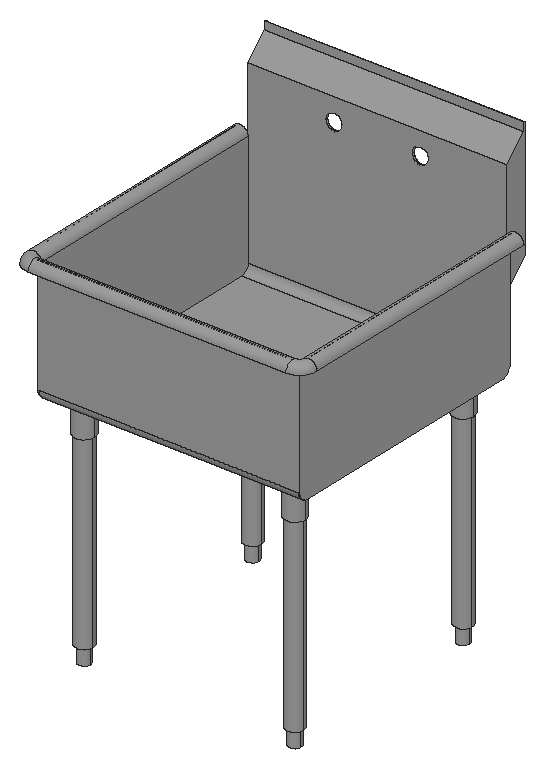
Revit family
Parameters (values of type "ByType")
  Width = 2' - 3 1/2"
  URL = "www.sspinc.net"
  Specification URL = "http://www.sspinc.net/sspweb/index.php?option=com_virtuemart&page=shop.browse&category_id=32&Itemid=73&TreeId=5"
  Sink Material = Metal - Steel - Stainless - Chrome
  Model Number = ""
  Model = "Budget"
  Manufacturer = "Elaky SSP, LLC"
  Length = 2' - 3"
  Hidden Width = if(Compartment Width > 0' 11", Width, (Compartment Width + Sink Rim Front Width + Backsplash Width))  # 2' - 3 1/2"
  Hidden Compartment Width = Width - Sink Rim Front Width - Backsplash Width  # 2' - 0"
  Hidden Compartment Length = Length - (Sink Rim Sides Width * 2)  # 2' - 0"
  Description = "Utility, Single Compartment"
  Compartment Length = if(Hidden Compartment Length > 0' 8 1/2", Hidden Compartment Length, 0' 8 1/2")  # 2' - 0"
  Hidden Length = if((Compartment Length > 0' 8 1/2"), Length, ((Compartment Length + Sink Rim Sides Width * 2)))  # 2' - 3"
  Sink Rim Sides Width = 0' - 1 1/2"  # constant formula
  Sink Rim Front Width = 0' - 1 1/2"  # constant formula
  Backsplash Width = 0' - 2"  # constant formula
  Sink Drain Location = Compartment Width / 2  # 1' - 0"
  Compartment Depth = 1' - 0"
  Compartment Width = if(Hidden Compartment Width > 0' 11", Hidden Compartment Width, 0' 11")  # 2' - 0"
  Rim Height = 2' - 10"
  Hole 1 to 2 = 0' - 8"
  Hole 1 From CL = 0' - 4"
  Faucet CL from Top Backsplash = 0' - 4 3/4"
  Backsplash Height = 0' - 8"
  Assembly Code = ""
Reference planes (in)
  plane 1 "CL Sink Hole": y = -0.25
  plane 2 "Bottom": z = 0
  plane 3 "Center (Left/Right)": x = -6
  plane 4 "Basin Edge Left": x = -18
  plane 5 "Basin Edge Right": x = 6
  plane 6 "Basin Edge Back": y = 11.75
  plane 7 "Basin Edge Front": y = -12.25
  plane 8 "Left": x = -19.5
  plane 9 "Right": x = 7.5
  plane 10 "Back": y = 13.75
  plane 11 "Front": y = -13.75
  plane 12 "Sink Bowl Bottom (Top Face)": z = 22
  plane 13 "Sink Bowl Bottom (Bottom Face)": z = 21.875
  plane 14 "Sink Bottom Piece Back Edge": y = 11
  plane 15 "Sink Bottom Piece Front Edge": y = -11.5
  plane 16 "Center (Front/Back)": y = 0
  plane 17 "Sink Rim Top": z = 34
  plane 18 "Sink Bowl Bottom Radius Top Tangent": z = 22.75
  plane 19 "Sink Rim Inside Lower Edge": z = 33.25
  plane 20 "Backsplash Top Angle": z = 41.25
  plane 21 "Backsplash Angle": z = 39.3125
  plane 22 "Backsplash Side Piece Front": y = 11.875
  plane 23 "Backsplash Side Piece Top": z = 41.07322
  plane 24 "Backsplash Side Piece Angle": z = 39.26072
  plane 25 "Backsplash Side Piece Bottom": z = 29
  plane 26 "Backsplash Side Right Piece Inside Edge": x = 5.875
  plane 27 "Backsplash Side Left Piece Inside Edge": x = -17.875
  plane 28 "Basin Edge Right Outside Face": x = 6.125
  plane 29 "Basin Edge Left Outside Face": x = -18.125
  plane 30 "Faucet Hole CL Elev": z = 37.25
  plane 31 "CL Faucet Hole Left": x = -10
  plane 32 "CL Faucet Hole Right": x = -2
  plane 33 "Leg Left CL": x = -15.75
  plane 34 "Leg Front CL": y = -10
  plane 35 "Leg Large Dia Bottom": z = 19
  plane 36 "Leg Foot Top": z = 1.5
  plane 37 "Leg Right CL": x = 3.75
  plane 38 "Leg Back CL": y = 9.5
  plane 39 "Basin Edge Front Outside Edge": y = -12.375
  plane 40 "Basin Edge Back Outside Edge": y = 11.875
  plane 41 "Backsplash Tile Edge Front Face": y = 13.6875
  plane 42 "Backsplash Top Angle 2": z = 41.13572
  plane 43 "Top of Backsplash": z = 42
  plane 44 "Backsplash Side Piece Angle Bottom": z = 30.875
Forms (in)
  Sweep 1, solid, material "Metal - Steel - Stainless - Chrome" <- "Sink Material"
    path origin (0, 0, 34) x (0, -1, 0) y (1, 0, 0)
      loop
        line (-11.75, 7.5) -> (12.1875, 7.5)
        arc (12.1875, 7.5) -> (13.29235, 7.04235) -> (13.75, 5.9375) r 1.5625
        line (13.75, 5.9375) -> (13.75, -17.9375)
        arc (13.75, -17.9375) -> (13.29235, -19.04235) -> (12.1875, -19.5) r 1.5625
        line (12.1875, -19.5) -> (-11.75, -19.5)
    profile "profile-budget-rim : profile-budget-rim" origin (-19.5, -0.21875, 34) x (-1, 0, 0) y (0, 0, 1)
      loop
        line (-1.5, -0.75) -> (-1.375, -0.75)
        arc (-1.375, -0.75) -> (-0.75, -0.125) -> (-0.125, -0.75) r 0.625
        line (-0.125, -0.75) -> (0, -0.75)
        arc (0, -0.75) -> (-0.75, 0) -> (-1.5, -0.75) r 0.75
  Extrusion 2, solid, material "Metal - Steel - Stainless - Chrome" <- "Sink Material"
    sketch origin (-6, 0, 0) x (0, 1, 0) y (0, 0, 1)
      loop
        line (-12.375, 33.25) -> (-12.375, 22.75)
        arc (-12.375, 22.75) -> (-12.11872, 22.13128) -> (-11.5, 21.875) r 0.875
        line (-11.5, 21.875) -> (11, 21.875)
        arc (11, 21.875) -> (11.61872, 22.13128) -> (11.875, 22.75) r 0.875
        line (11.875, 22.75) -> (11.875, 33.25) -> (11.75, 33.25) -> (11.75, 22.75)
        arc (11.75, 22.75) -> (11.53033, 22.21967) -> (11, 22) r 0.75
        line (11, 22) -> (-11.5, 22)
        arc (-11.5, 22) -> (-12.03033, 22.21967) -> (-12.25, 22.75) r 0.75
        line (-12.25, 22.75) -> (-12.25, 33.25) -> (-12.375, 33.25)
    from -12 to 12
  Extrusion 3, solid, material "Metal - Steel - Stainless - Chrome" <- "Sink Material"
    sketch origin (-6, 0, 0) x (0, 1, 0) y (0, 0, 1)
      loop
        line (11.75, 39.3125) -> (11.75, 33.25) -> (11.875, 33.25) -> (11.875, 39.26072) -> (13.75, 41.13572) -> (13.75, 42) -> (13.6875, 42) -> (13.6875, 41.25) -> (11.75, 39.3125)
    from -12 to 12
  Extrusion 4, solid, material "Metal - Steel - Stainless - Chrome" <- "Sink Material"
    sketch origin (7.5, 0, 0) x (0, 1, 0) y (0, 0, 1)
      loop
        line (13.75, 41.13572) -> (11.875, 39.26072) -> (11.875, 29) -> (13.75, 30.875) -> (13.75, 41.13572)
    from -1.625 to -1.5
  Extrusion 5, solid, material "Metal - Steel - Stainless - Chrome" <- "Sink Material"
    sketch origin (-18.03125, 0, 0) x (0, 1, 0) y (0, 0, 1)
      loop
        line (13.75, 41.13572) -> (11.875, 39.26072) -> (11.875, 29) -> (13.75, 30.875) -> (13.75, 41.13572)
    from 0.03125 to 0.15625
  Extrusion 6, solid, material "Metal - Steel - Stainless - Chrome" <- "Sink Material"
    sketch origin (6, 0, 0) x (0, 1, 0) y (0, 0, 1)
      loop
        line (-12.375, 33.25) -> (-12.375, 22.75)
        arc (-12.375, 22.75) -> (-12.11872, 22.13128) -> (-11.5, 21.875) r 0.875
        line (-11.5, 21.875) -> (11, 21.875)
        arc (11, 21.875) -> (11.61872, 22.13128) -> (11.875, 22.75) r 0.875
        line (11.875, 22.75) -> (11.875, 33.25) -> (-12.375, 33.25)
    from 0 to 0.125
  Extrusion 7, solid, material "Metal - Steel - Stainless - Chrome" <- "Sink Material"
    sketch origin (-18, 0, 0) x (0, 1, 0) y (0, 0, 1)
      loop
        line (11.875, 33.25) -> (-12.375, 33.25) -> (-12.375, 22.75)
        arc (-12.375, 22.75) -> (-12.11872, 22.13128) -> (-11.5, 21.875) r 0.875
        line (-11.5, 21.875) -> (11, 21.875)
        arc (11, 21.875) -> (11.61872, 22.13128) -> (11.875, 22.75) r 0.875
        line (11.875, 22.75) -> (11.875, 33.25)
    from -0.125 to 0
  Extrusion 8, void
    sketch origin (0, -0.25, 0) x (1, 0, 0) y (0, 0, 1)
      loop
        circle (-10, 37.25) r 0.75
    from -12.125 to -12
  Extrusion 9, void
    sketch origin (0, -0.25, 0) x (1, 0, 0) y (0, 0, 1)
      loop
        circle (-2, 37.25) r 0.75
    from -12.125 to -12
  Extrusion 10, void
    sketch origin (-45.27944, 78.60934, 0) x (1, 0, 0) y (0, 1, 0)
      loop
        circle (39.27944, -78.85934) r 2.375
    from 21.875 to 22
  Revolve 11, solid, material "Metal - Steel - Stainless - Chrome" <- "Sink Material"
    sketch origin (0, -10, 0) x (-1, 0, 0) y (0, 0, 1)
      loop
        line (16.5625, 19) -> (16.72, 19) -> (16.72, 21.875) -> (15.75, 21.875) -> (15.75, 0) -> (16.3125, 0) -> (16.3125, 1.5) -> (16.5625, 1.5) -> (16.5625, 19)
      axis (15.75, 21.875) -> (15.75, 0)
    angle from 0 to 360
  Revolve 12, solid, material "Metal - Steel - Stainless - Chrome" <- "Sink Material"
    sketch origin (0, -10, 0) x (-1, 0, 0) y (0, 0, 1)
      loop
        line (-4.5625, 19) -> (-4.5625, 1.5) -> (-4.3125, 1.5) -> (-4.3125, 0) -> (-3.75, 0) -> (-3.75, 21.875) -> (-4.72, 21.875) -> (-4.72, 19) -> (-4.5625, 19)
      axis (-3.75, 21.875) -> (-3.75, 0)
    angle from 0 to 360
  Revolve 13, solid, material "Metal - Steel - Stainless - Chrome" <- "Sink Material"
    sketch origin (0, 9.5, 0) x (-1, 0, 0) y (0, 0, 1)
      loop
        line (-4.5625, 19) -> (-4.5625, 1.5) -> (-4.3125, 1.5) -> (-4.3125, 0) -> (-3.75, 0) -> (-3.75, 21.875) -> (-4.72, 21.875) -> (-4.72, 19) -> (-4.5625, 19)
      axis (-3.75, 21.875) -> (-3.75, 0)
    angle from 0 to 360
  Revolve 14, solid, material "Metal - Steel - Stainless - Chrome" <- "Sink Material"
    sketch origin (0, 9.5, 0) x (-1, 0, 0) y (0, 0, 1)
      loop
        line (14.9375, 19) -> (14.9375, 1.5) -> (15.1875, 1.5) -> (15.1875, 0) -> (15.75, 0) -> (15.75, 21.875) -> (14.78, 21.875) -> (14.78, 19) -> (14.9375, 19)
      axis (15.75, 21.875) -> (15.75, 0)
    angle from 0 to 360
  Sweep 15, solid, material "Metal - Steel - Stainless - Chrome" <- "Sink Material"
    path origin (0, 0, 22) x (-1, 0, 0) y (0, -1, 0)
      loop
        circle (6, 0.25) r 2.375
    profile "profile-elkay-sink-hole-1 : profile-elkay-sink-hole-1" origin (-6, -2.625, 22) x (0, 1, 0) y (0, 0, 1)
      loop
        arc (0.10775, -0.05529) -> (0.06053, -0.01467) -> (0, 0) r 0.133
        line (0, 0) -> (0, -0.07422)
        arc (0, -0.07422) -> (0.0267, -0.08072) -> (0.04752, -0.09865) r 0.05878
        line (0.04752, -0.09865) -> (0.12152, -0.20143) -> (0.5715, -0.40832) -> (0.5715, -0.32577) -> (0.16939, -0.14089) -> (0.10775, -0.05529)
Cuts and joins
  Extrusion 10 cuts Extrusion 2
  Extrusion 8, Extrusion 9 cuts Extrusion 3
  joined: Sweep 1, Extrusion 2, Extrusion 3, Extrusion 4, Extrusion 5, Extrusion 6, Extrusion 7, Sweep 15
Lines and regions (in)
  Masking region 1
    outline origin (0, 0, 0) x (1, 0, 0) y (0, 1, 0)
      loop
        line (-19.5, 13.75) -> (-19.5, -12.1875)
        arc (-19.5, -12.1875) -> (-19.04235, -13.29235) -> (-17.9375, -13.75) r 1.5625
        line (-17.9375, -13.75) -> (5.9375, -13.75)
        arc (5.9375, -13.75) -> (7.04235, -13.29235) -> (7.5, -12.1875) r 1.5625
        line (7.5, -12.1875) -> (7.5, 13.75) -> (-19.5, 13.75)
  reference lines
    curve 1: line (-15.75, -10, 21.875) -> (-15.75, -10, 0)
    curve 2: line (3.75, -10, 22) -> (3.75, -10, 0)
    curve 3: line (3.75, 9.5, 21.875) -> (3.75, 9.5, 0)
    curve 4: line (-15.75, 9.5, 21.875) -> (-15.75, 9.5, 0)
    curve 11: arc (-6, -12.25, 22.75) -> (-6, -12.03033, 22.21967) -> (-6, -11.5, 22) r 0.75
    curve 12: arc (-6, -12.375, 22.75) -> (-6, -12.11872, 22.13128) -> (-6, -11.5, 21.875) r 0.875
    curve 13: arc (-6, 11.75, 22.75) -> (-6, 11.53033, 22.21967) -> (-6, 11, 22) r 0.75
    curve 14: arc (-6, 11.875, 22.75) -> (-6, 11.61872, 22.13128) -> (-6, 11, 21.875) r 0.875
  symbolic lines
    curve 5: line (-19.5, 11.75, 0) -> (7.5, 11.75, 0)
    curve 6: line (-18, -12.25, 0) -> (-18, 11.75, 0)
    curve 7: line (6, -12.25, 0) -> (-18, -12.25, 0)
    curve 8: line (6, 11.75, 0) -> (6, -12.25, 0)
    curve 9: circle (-6, -0.25, 0) r 2.375 normal (0, 0, 1)
    curve 10: circle (-6, -0.25, 0) r 1.75 normal (0, 0, 1)
Dimensions and locks (in)
  equal spacing: plane 8 "Left", plane 3 "Center (Left/Right)", plane 9 "Right"
  "Sink Rim Sides Width": plane 8 "Left" to plane 4 "Basin Edge Left"
  "Sink Rim Sides Width": plane 5 "Basin Edge Right" to plane 9 "Right"
  "Hidden Length": plane 8 "Left" to plane 9 "Right"
  "Sink Drain Location": plane 6 "Basin Edge Back" to plane 1 "CL Sink Hole"
  "Backsplash Width": plane 10 "Back" to plane 6 "Basin Edge Back"
  "Sink Rim Front Width": plane 7 "Basin Edge Front" to plane 11 "Front"
  "Hidden Width": plane 10 "Back" to plane 11 "Front"
  locked: plane 15 "Sink Bottom Piece Front Edge" to plane 7 "Basin Edge Front" at 0.75
  locked: plane 6 "Basin Edge Back" to plane 14 "Sink Bottom Piece Back Edge" at 0.75
  equal spacing: plane 10 "Back", plane 16 "Center (Front/Back)", plane 11 "Front"
  "Compartment Depth": plane 17 "Sink Rim Top" to plane 12 "Sink Bowl Bottom (Top Face)"
  "Rim Height": plane 17 "Sink Rim Top" to plane 2 "Bottom"
  locked: plane 18 "Sink Bowl Bottom Radius Top Tangent" to plane 12 "Sink Bowl Bottom (Top Face)" at 0.75
  locked: plane 17 "Sink Rim Top" to plane 19 "Sink Rim Inside Lower Edge" at 0.75
  "Backsplash Height": plane 43 "Top of Backsplash" to plane 17 "Sink Rim Top"
  locked: plane 20 "Backsplash Top Angle" to plane 21 "Backsplash Angle" at 1.9375
  locked: plane 20 "Backsplash Top Angle" to plane 23 "Backsplash Side Piece Top" at 0.17678
  locked: plane 6 "Basin Edge Back" to plane 22 "Backsplash Side Piece Front" at 0.125
  locked: plane 21 "Backsplash Angle" to plane 24 "Backsplash Side Piece Angle" at 0.05178
  locked: plane 26 "Backsplash Side Right Piece Inside Edge" to plane 5 "Basin Edge Right" at 0.125
  locked: plane 4 "Basin Edge Left" to plane 27 "Backsplash Side Left Piece Inside Edge" at 0.125
  locked: plane 5 "Basin Edge Right" to plane 28 "Basin Edge Right Outside Face" at 0.125
  locked: plane 29 "Basin Edge Left Outside Face" to plane 4 "Basin Edge Left" at 0.125
  locked: plane 34 "Leg Front CL" to plane 7 "Basin Edge Front" at 2.25
  locked: plane 4 "Basin Edge Left" to plane 33 "Leg Left CL" at 2.25
  "Hole 1 From CL": plane 31 "CL Faucet Hole Left" to plane 3 "Center (Left/Right)"
  "Hole 1 to 2": plane 31 "CL Faucet Hole Left" to plane 32 "CL Faucet Hole Right"
  locked: plane 12 "Sink Bowl Bottom (Top Face)" to plane 13 "Sink Bowl Bottom (Bottom Face)" at 0.125
  locked: plane 13 "Sink Bowl Bottom (Bottom Face)" to plane 35 "Leg Large Dia Bottom" at 2.875
  locked: plane 36 "Leg Foot Top" to plane 2 "Bottom" at 1.5
  "Faucet CL from Top Backsplash": plane 43 "Top of Backsplash" to plane 30 "Faucet Hole CL Elev"
  locked: plane 37 "Leg Right CL" to plane 5 "Basin Edge Right" at 2.25
  locked: plane 6 "Basin Edge Back" to plane 38 "Leg Back CL" at 2.25
  locked: nested 1 to plane 9 "Right" at 6
  locked: plane 10 "Back" to nested 1 at 0.875
  locked: plane 39 "Basin Edge Front Outside Edge" to plane 7 "Basin Edge Front" at 0.125
  plane 6 "Basin Edge Back" to plane 40 "Basin Edge Back Outside Edge" = 0' - 0 1/8"
  locked: plane 41 "Backsplash Tile Edge Front Face" to plane 10 "Back" at 0.0625
  locked: plane 20 "Backsplash Top Angle" to plane 42 "Backsplash Top Angle 2" at 0.11428
  locked: plane 43 "Top of Backsplash" to plane 20 "Backsplash Top Angle" at 0.75
  locked: plane 44 "Backsplash Side Piece Angle Bottom" to plane 25 "Backsplash Side Piece Bottom" at 1.875
  locked: plane 17 "Sink Rim Top" to plane 25 "Backsplash Side Piece Bottom" at 5
  aligned and locked: Extrusion 2 sketch curve to plane 6 "Basin Edge Back"
  aligned and locked: plane 5 "Basin Edge Right" to Extrusion 2
  aligned and locked: Extrusion 2 to plane 4 "Basin Edge Left"
  aligned and locked: Extrusion 2 sketch curve to plane 19 "Sink Rim Inside Lower Edge"  (x2)
  aligned and locked: Extrusion 3 sketch curve to plane 19 "Sink Rim Inside Lower Edge"
  aligned and locked: Extrusion 3 sketch curve to plane 10 "Back"
  aligned and locked: Extrusion 3 sketch curve to plane 6 "Basin Edge Back"
  aligned: plane 9 "Right" to Extrusion 3
  aligned: Extrusion 3 to plane 8 "Left"
  aligned and locked: plane 10 "Back" to Extrusion 4 sketch curve
  aligned and locked: Extrusion 4 sketch curve to plane 22 "Backsplash Side Piece Front"
  aligned and locked: Extrusion 4 to plane 26 "Backsplash Side Right Piece Inside Edge"
  aligned: plane 9 "Right" to Extrusion 4
  aligned and locked: Extrusion 5 sketch curve to plane 10 "Back"
  aligned and locked: plane 22 "Backsplash Side Piece Front" to Extrusion 5 sketch curve
  aligned and locked: plane 27 "Backsplash Side Left Piece Inside Edge" to Extrusion 5
  aligned: Extrusion 5 to plane 8 "Left"
  aligned and locked: Extrusion 6 sketch curve to plane 19 "Sink Rim Inside Lower Edge"
  aligned and locked: Extrusion 6 to plane 5 "Basin Edge Right"
  aligned and locked: plane 28 "Basin Edge Right Outside Face" to Extrusion 6
  aligned and locked: Extrusion 7 sketch curve to plane 19 "Sink Rim Inside Lower Edge"
  aligned and locked: Extrusion 7 to plane 29 "Basin Edge Left Outside Face"
  aligned and locked: plane 4 "Basin Edge Left" to Extrusion 7
  aligned and locked: plane 22 "Backsplash Side Piece Front" to Extrusion 9
  aligned and locked: Extrusion 9 to plane 6 "Basin Edge Back"
  aligned and locked: plane 22 "Backsplash Side Piece Front" to Extrusion 8
  aligned: Extrusion 8 to plane 14 "Sink Bottom Piece Back Edge"
  aligned and locked: Extrusion 8 to plane 6 "Basin Edge Back"
  aligned and locked: plane 12 "Sink Bowl Bottom (Top Face)" to Extrusion 10
  aligned and locked: Extrusion 10 to plane 13 "Sink Bowl Bottom (Bottom Face)"
  aligned and locked: Revolve 11 sketch curve to plane 13 "Sink Bowl Bottom (Bottom Face)"
  aligned and locked: Revolve 11 sketch curve to curve 1
  aligned and locked: curve 2 to plane 37 "Leg Right CL"
  aligned and locked: plane 12 "Sink Bowl Bottom (Top Face)" to curve 2
  aligned and locked: plane 2 "Bottom" to curve 2
  aligned and locked: Revolve 12 sketch curve to plane 36 "Leg Foot Top"
  aligned and locked: Revolve 12 sketch curve to plane 35 "Leg Large Dia Bottom"
  aligned and locked: plane 2 "Bottom" to Revolve 12 sketch curve  (x3)
  aligned and locked: plane 13 "Sink Bowl Bottom (Bottom Face)" to Revolve 12 sketch curve  (x2)
  aligned and locked: curve 2 to Revolve 12 sketch curve  (x2)
  aligned and locked: Revolve 13 sketch curve to plane 2 "Bottom"
  aligned and locked: plane 36 "Leg Foot Top" to Revolve 13 sketch curve
  aligned and locked: plane 35 "Leg Large Dia Bottom" to Revolve 13 sketch curve
  aligned and locked: Revolve 13 sketch curve to plane 13 "Sink Bowl Bottom (Bottom Face)"
  aligned and locked: plane 37 "Leg Right CL" to Revolve 13 sketch curve
  aligned and locked: Revolve 13 sketch curve to curve 3
  aligned and locked: Revolve 14 sketch curve to plane 2 "Bottom"
  aligned and locked: plane 36 "Leg Foot Top" to Revolve 14 sketch curve
  aligned and locked: plane 35 "Leg Large Dia Bottom" to Revolve 14 sketch curve
  aligned and locked: Revolve 14 sketch curve to plane 13 "Sink Bowl Bottom (Bottom Face)"
  aligned and locked: plane 33 "Leg Left CL" to Revolve 14 sketch curve
  aligned and locked: plane 2 "Bottom" to Revolve 14 sketch curve
  aligned and locked: Revolve 14 sketch curve to plane 33 "Leg Left CL"
  aligned and locked: Masking region 1 sketch curve to plane 10 "Back"
  aligned and locked: plane 8 "Left" to Masking region 1 sketch curve
  aligned and locked: Masking region 1 sketch curve to plane 9 "Right"
  aligned and locked: plane 11 "Front" to Masking region 1 sketch curve
  aligned and locked: plane 7 "Basin Edge Front" to curve 7
  aligned and locked: plane 4 "Basin Edge Left" to curve 6
  aligned and locked: curve 5 to plane 6 "Basin Edge Back"
  aligned and locked: plane 8 "Left" to curve 5
  aligned and locked: plane 9 "Right" to curve 5
  aligned and locked: Extrusion 6 sketch curve to plane 39 "Basin Edge Front Outside Edge"
  aligned and locked: Extrusion 6 sketch curve to plane 40 "Basin Edge Back Outside Edge"
  aligned and locked: plane 24 "Backsplash Side Piece Angle" to Extrusion 4 sketch curve
  aligned and locked: plane 6 "Basin Edge Back" to Sweep 1 sketch curve  (x2)
  aligned and locked: Extrusion 6 sketch curve to curve 12
  aligned and locked: Extrusion 6 sketch curve to curve 14
  aligned and locked: Extrusion 7 sketch curve to curve 14
  aligned and locked: Extrusion 7 sketch curve to curve 12
  aligned and locked: Extrusion 2 sketch curve to curve 13
  aligned and locked: Extrusion 2 sketch curve to curve 11
  aligned and locked: plane 5 "Basin Edge Right" to cut or joined group 1 (Sweep 1, Extrusion 2, Extrusion 3, Extrusion 4, Extrusion 5, Extrusion 6, Extrusion 7, Extrusion 8, Extrusion 9, Extrusion 10, Sweep 15)
  aligned and locked: cut or joined group 1 to plane 4 "Basin Edge Left"  (x2)
  aligned and locked: plane 41 "Backsplash Tile Edge Front Face" to Extrusion 3 sketch curve
  aligned and locked: Extrusion 3 sketch curve to plane 43 "Top of Backsplash"
Automatic sketch dimensions
  Extrusion 8 sketch curve to plane 30 "Faucet Hole CL Elev" = 0' - 0"
  Extrusion 8 sketch curve to plane 31 "CL Faucet Hole Left" = 0' - 0"
  Extrusion 9 sketch curve to plane 30 "Faucet Hole CL Elev" = 0' - 0"
  Extrusion 9 sketch curve to plane 32 "CL Faucet Hole Right" = 0' - 0"
  Extrusion 10 sketch curve to plane 1 "CL Sink Hole" = 0' - 0"
  plane 3 "Center (Left/Right)" to Extrusion 10 sketch curve = 0' - 0"
  curve 1 to level = 0' - 0"
  curve 1 to plane 33 "Leg Left CL" = 0' - 0"
  curve 1 to plane 13 "Sink Bowl Bottom (Bottom Face)" = 0' - 0"
  Revolve 11 sketch curve to plane 33 "Leg Left CL" = 0' - 0"
  Revolve 11 sketch curve to level = 0' - 0"  (x2)
  Revolve 11 sketch curve to plane 36 "Leg Foot Top" = 0' - 0"
  Revolve 11 sketch curve to plane 35 "Leg Large Dia Bottom" = 0' - 0"
  Revolve 11 sketch curve to plane 13 "Sink Bowl Bottom (Bottom Face)" = 0' - 0"
  Revolve 11 sketch curve to Revolve 11 sketch curve = 0' - 0 9/16"
  Revolve 11 sketch curve to Revolve 11 sketch curve = 0' - 0 1/4"
  Revolve 11 sketch curve to Revolve 11 sketch curve = 0' - 0.1575"
  plane 37 "Leg Right CL" to Revolve 12 sketch curve = 0' - 0 9/16"
  plane 37 "Leg Right CL" to Revolve 12 sketch curve = 0' - 0 13/16"
  Revolve 12 sketch curve to Revolve 12 sketch curve = 0' - 0.1575"
  curve 3 to level = 0' - 0"
  curve 3 to plane 37 "Leg Right CL" = 0' - 0"
  curve 3 to plane 13 "Sink Bowl Bottom (Bottom Face)" = 0' - 0"
  Revolve 13 sketch curve to level = 0' - 0"
  Revolve 13 sketch curve to plane 13 "Sink Bowl Bottom (Bottom Face)" = 0' - 0"
  plane 37 "Leg Right CL" to Revolve 13 sketch curve = 0' - 0 9/16"
  Revolve 13 sketch curve to Revolve 13 sketch curve = 0' - 0 1/4"
  Revolve 13 sketch curve to Revolve 13 sketch curve = 0' - 0.97"
  Revolve 14 sketch curve to plane 13 "Sink Bowl Bottom (Bottom Face)" = 0' - 0"
  plane 33 "Leg Left CL" to Revolve 14 sketch curve = 0' - 0 9/16"
  Revolve 14 sketch curve to Revolve 14 sketch curve = 0' - 0 1/4"
  Revolve 14 sketch curve to Revolve 14 sketch curve = 0' - 0.97"
  curve 4 to level = 0' - 0"
  curve 4 to plane 33 "Leg Left CL" = 0' - 0"
  curve 4 to plane 13 "Sink Bowl Bottom (Bottom Face)" = 0' - 0"
  plane 1 "CL Sink Hole" to Sweep 15 sketch curve = 0' - 0"
  Sweep 15 sketch curve to plane 3 "Center (Left/Right)" = 0' - 0"
  curve 9 to curve 10 = 0' - 0"  (x2)
  plane 1 "CL Sink Hole" to curve 10 = 0' - 0"
  curve 10 to plane 3 "Center (Left/Right)" = 0' - 0"
  Sweep 1 sketch curve to plane 9 "Right" = 0' - 0"
  Sweep 1 sketch curve to plane 8 "Left" = 0' - 0"
  Sweep 1 sketch curve to plane 11 "Front" = 0' - 0"
  Sweep 1 sketch curve to plane 5 "Basin Edge Right" = 0' - 0 1/16"
  plane 7 "Basin Edge Front" to Sweep 1 sketch curve = 0' - 0 1/16"
  curve 7 to plane 5 "Basin Edge Right" = 0' - 0"
  plane 4 "Basin Edge Left" to Masking region 1 sketch curve = 0' - 0 1/16"
  Masking region 1 sketch curve to plane 5 "Basin Edge Right" = 0' - 0 1/16"
  curve 11 to curve 12 = 0' - 0"  (x2)
  curve 13 to curve 14 = 0' - 0"  (x2)
  curve 12 to plane 18 "Sink Bowl Bottom Radius Top Tangent" = 0' - 0"
  curve 12 to plane 39 "Basin Edge Front Outside Edge" = 0' - 0"
  curve 11 to plane 7 "Basin Edge Front" = 0' - 0"
  curve 12 to plane 15 "Sink Bottom Piece Front Edge" = 0' - 0"
  curve 13 to plane 14 "Sink Bottom Piece Back Edge" = 0' - 0"
  curve 13 to plane 6 "Basin Edge Back" = 0' - 0"
  curve 14 to plane 18 "Sink Bowl Bottom Radius Top Tangent" = 0' - 0"
  curve 14 to plane 22 "Backsplash Side Piece Front" = 0' - 0"
  Extrusion 2 sketch curve to plane 22 "Backsplash Side Piece Front" = 0' - 0"
  Extrusion 2 sketch curve to Extrusion 2 sketch curve = 0' - 0"  (x4)
  Extrusion 3 sketch curve to plane 22 "Backsplash Side Piece Front" = 0' - 0"
  Extrusion 3 sketch curve to plane 24 "Backsplash Side Piece Angle" = 0' - 0"
  Extrusion 3 sketch curve to plane 21 "Backsplash Angle" = 0' - 0"
  Extrusion 3 sketch curve to plane 42 "Backsplash Top Angle 2" = 0' - 0"
  Extrusion 3 sketch curve to plane 20 "Backsplash Top Angle" = 0' - 0"
  Extrusion 4 sketch curve to plane 25 "Backsplash Side Piece Bottom" = 0' - 0"
  Extrusion 4 sketch curve to plane 44 "Backsplash Side Piece Angle Bottom" = 0' - 0"
  Extrusion 4 sketch curve to plane 42 "Backsplash Top Angle 2" = 0' - 0"
  Extrusion 5 sketch curve to plane 25 "Backsplash Side Piece Bottom" = 0' - 0"
  Extrusion 5 sketch curve to plane 44 "Backsplash Side Piece Angle Bottom" = 0' - 0"
  Extrusion 5 sketch curve to plane 24 "Backsplash Side Piece Angle" = 0' - 0"
  Extrusion 5 sketch curve to plane 42 "Backsplash Top Angle 2" = 0' - 0"
  radius of Extrusion 8 sketch curve = 0' - 0 3/4"
  radius of Extrusion 9 sketch curve = 0' - 0 3/4"
  radius of Extrusion 10 sketch curve = 0' - 2 3/8"
  radius of Sweep 15 sketch curve = 0' - 2 3/8"
  radius of curve 9 = 0' - 2 3/8"
  radius of curve 10 = 0' - 1 3/4"
Nested families (in)
  nested 1: "logo-elkay-ssp-detail" at (1.5, 12.875, 0), type "logo-elkay-ssp-detail"
Definition of nested family "logo-elkay-ssp-detail"
  Parameters (values of type "logo-elkay-ssp-detail")
    Assembly Code = ""
  Reference planes (in)
    plane 1 "Center (Front/Back)": y = 0
    plane 2: z = 0
    plane 3 "Center (Left/Right)": x = 0
  Lines and regions (in)
    model lines, style "Light Lines", in view "Ref. Level"
      curve 1: line (-3.32285, -0.06136, 0) -> (-4.06065, -0.06136, 0)
      curve 2: line (-4.06065, -0.06136, 0) -> (-4.1052, -0.25903, 0)
      curve 3: line (-4.1052, -0.25903, 0) -> (-3.21308, -0.25903, 0)
      curve 4: line (-3.21308, -0.25903, 0) -> (-3.24121, -0.38381, 0)
      curve 5: line (-3.24121, -0.38381, 0) -> (-4.38592, -0.38381, 0)
      curve 6: line (-4.38592, -0.38381, 0) -> (-4.2221, 0.37099, 0)
      curve 7: line (-4.2221, 0.37099, 0) -> (-3.14692, 0.37099, 0)
      curve 8: line (-3.14692, 0.37099, 0) -> (-3.17697, 0.23769, 0)
      curve 9: line (-3.17697, 0.23769, 0) -> (-3.99255, 0.23769, 0)
      curve 10: line (-3.99255, 0.23769, 0) -> (-4.0323, 0.06136, 0)
      curve 11: line (-4.0323, 0.06136, 0) -> (-3.29519, 0.06136, 0)
      curve 12: line (-3.29519, 0.06136, 0) -> (-3.32285, -0.06136, 0)
      curve 13: line (-2.6687, 0.37099, 0) -> (-2.81391, -0.25903, 0)
      curve 14: line (-2.81391, -0.25903, 0) -> (-2.05871, -0.25903, 0)
      curve 15: line (-2.05871, -0.25903, 0) -> (-2.08684, -0.38381, 0)
      curve 16: line (-2.08684, -0.38381, 0) -> (-3.09595, -0.38381, 0)
      curve 17: line (-3.09595, -0.38381, 0) -> (-2.93213, 0.37099, 0)
      curve 18: line (-2.93213, 0.37099, 0) -> (-2.6687, 0.37099, 0)
      curve 19: line (-0.64402, 0.37099, 0) -> (-0.90842, 0.37099, 0)
      curve 20: line (-0.90842, 0.37099, 0) -> (-1.67841, -0.0469, 0)
      curve 21: line (-1.67841, -0.0469, 0) -> (-1.57913, 0.37099, 0)
      curve 22: line (-1.57913, 0.37099, 0) -> (-1.84806, 0.37099, 0)
      curve 23: line (-1.84806, 0.37099, 0) -> (-2.01188, -0.38381, 0)
      curve 24: line (-2.01188, -0.38381, 0) -> (-1.7563, -0.38381, 0)
      curve 25: line (-1.7563, -0.38381, 0) -> (-1.71799, -0.21251, 0)
      curve 26: line (-1.71799, -0.21251, 0) -> (-1.43517, -0.06668, 0)
      curve 27: line (-1.43517, -0.06668, 0) -> (-1.0752, -0.38302, 0)
      curve 28: line (-1.0752, -0.38302, 0) -> (-0.71907, -0.38302, 0)
      curve 29: line (-0.71907, -0.38302, 0) -> (-1.21254, 0.0523, 0)
      curve 30: line (-1.21254, 0.0523, 0) -> (-0.64912, 0.37099, 0)
      curve 31: line (0.08918, 0.26288, 0) -> (0.26729, -0.08711, 0)
      curve 32: line (0.26729, -0.08711, 0) -> (-0.20629, -0.08711, 0)
      curve 33: line (-0.20629, -0.08711, 0) -> (0.08918, 0.26288, 0)
      curve 34: line (0.34973, -0.25251, 0) -> (0.4165, -0.38302, 0)
      curve 35: line (0.4165, -0.38302, 0) -> (0.70132, -0.38302, 0)
      curve 36: line (0.70132, -0.38302, 0) -> (0.33383, 0.37099, 0)
      curve 37: line (0.33383, 0.37099, 0) -> (0.0006, 0.37099, 0)
      curve 38: line (0.0006, 0.37099, 0) -> (-0.67302, -0.38302, 0)
      curve 39: line (-0.67302, -0.38302, 0) -> (-0.46788, -0.38302, 0)
      curve 40: line (-0.46788, -0.38302, 0) -> (-0.3476, -0.25251, 0)
      curve 41: line (-0.3476, -0.25251, 0) -> (0.34973, -0.25251, 0)
      curve 42: line (0.56187, 0.37099, 0) -> (0.87618, 0.37099, 0)
      curve 43: line (0.87618, 0.37099, 0) -> (1.20045, 0.00137, 0)
      curve 44: line (1.20045, 0.00137, 0) -> (1.65515, 0.37099, 0)
      curve 45: line (1.65515, 0.37099, 0) -> (1.84822, 0.37099, 0)
      curve 46: line (1.84822, 0.37099, 0) -> (1.2574, -0.11624, 0)
      curve 47: line (0.57295, 0.37099, 0) -> (1.00835, -0.11016, 0)
      curve 48: line (1.00835, -0.11016, 0) -> (0.94407, -0.38302, 0)
      curve 49: line (0.94407, -0.38302, 0) -> (1.19982, -0.38302, 0)
      curve 50: line (1.19982, -0.38302, 0) -> (1.2574, -0.11624, 0)
      curve 51: arc (2.52563, -0.41963, 0) -> (2.55578, -0.40042, 0) -> (2.5511, -0.36497, 0) r 0.03326
      curve 52: arc (2.46024, 0.37099, 0) -> (2.23746, 0.22901, 0) -> (2.27207, -0.03289, 0) r 0.24577
      curve 53: arc (3.26518, 0.1338, 0) -> (3.22745, 0.10965, 0) -> (3.23358, 0.06528, 0) r 0.04155
      curve 54: arc (3.33528, -0.6502, 0) -> (3.54975, -0.51639, 0) -> (3.51615, -0.26584, 0) r 0.23308
      curve 55: arc (3.29628, -0.70696, 0) -> (3.41982, -0.6722, 0) -> (3.50727, -0.57827, 0) r 0.23766
      curve 56: arc (3.2186, -0.41963, 0) -> (3.25205, -0.39818, 0) -> (3.24651, -0.35884, 0) r 0.03681
      curve 57: arc (3.15289, 0.37099, 0) -> (2.93027, 0.22824, 0) -> (2.96709, -0.03364, 0) r 0.24497
      curve 58: arc (2.633, -0.64933, 0) -> (2.85307, -0.50732, 0) -> (2.81371, -0.24838, 0) r 0.24106
      curve 59: arc (2.57187, 0.13545, 0) -> (2.53153, 0.10936, 0) -> (2.53876, 0.06187, 0) r 0.04424
      curve 60: arc (2.55732, 0.07873, 0) -> (2.54756, 0.0776, 0) -> (2.53831, 0.07426, 0) r 0.04262
      curve 61: arc (2.92714, 0.22115, 0) -> (2.87312, 0.06226, 0) -> (2.93286, -0.09457, 0) r 0.24753
      curve 62: arc (2.23855, 0.23132, 0) -> (2.17681, 0.0715, 0) -> (2.23443, -0.08985, 0) r 0.24592
      curve 63: arc (3.88486, -0.44269, 0) -> (4.12885, -0.30718, 0) -> (4.32958, -0.11327, 0) r 1.0718
      curve 64: arc (4.32958, -0.11327, 0) -> (4.38535, 0.16386, 0) -> (4.19297, 0.37099, 0) r 0.30993
      curve 65: arc (3.88486, -0.48319, 0) -> (4.13375, -0.33012, 0) -> (4.32958, -0.11327, 0) r 1.02892
      curve 66: arc (4.32958, -0.11327, 0) -> (4.38773, 0.0419, 0) -> (4.36981, 0.20663, 0) r 0.35813
      curve 67: arc (3.97545, 0.1338, 0) -> (4.02101, 0.1288, 0) -> (4.0644, 0.11404, 0) r 0.21001
      curve 68: arc (4.0644, 0.11404, 0) -> (4.10051, 0.07497, 0) -> (4.09899, 0.0218, 0) r 0.07042
      curve 69: arc (4.09899, 0.0218, 0) -> (4.08251, -0.0082, 0) -> (4.06114, -0.03492, 0) r 0.19865
      curve 70: arc (4.06114, -0.03492, 0) -> (3.97859, -0.10823, 0) -> (3.88498, -0.16674, 0) r 0.65976
      curve 71: arc (3.93761, 0.07708, 0) -> (3.98316, 0.07208, 0) -> (4.02655, 0.05732, 0) r 0.21001
      curve 72: arc (4.02655, 0.05732, 0) -> (4.05187, 0.03848, 0) -> (4.06773, 0.0112, 0) r 0.07853
      curve 73: arc (4.06773, 0.0112, 0) -> (4.06991, -0.01264, 0) -> (4.06114, -0.03492, 0) r 0.05183
      curve 74: line (2.57187, 0.13545, 0) -> (2.84882, 0.13545, 0)
      curve 75: line (2.84882, 0.13545, 0) -> (2.77849, 0.37099, 0)
      curve 76: line (2.77849, 0.37099, 0) -> (2.46024, 0.37099, 0)
      curve 77: line (2.27207, -0.03289, 0) -> (2.5511, -0.36497, 0)
      curve 78: line (3.34243, -0.6502, 0) -> (2.02856, -0.6502, 0)
      curve 79: line (2.02856, -0.6502, 0) -> (1.96102, -0.41963, 0)
      curve 80: line (1.96102, -0.41963, 0) -> (2.52563, -0.41963, 0)
      curve 81: line (1.97764, -0.47635, 0) -> (1.92318, -0.47635, 0)
      curve 82: line (1.92318, -0.47635, 0) -> (1.99066, -0.70813, 0)
      curve 83: line (1.99066, -0.70813, 0) -> (3.29628, -0.70813, 0)
      curve 84: line (3.88486, -0.44269, 0) -> (3.88486, -0.65187, 0)
      curve 85: line (3.88486, -0.65187, 0) -> (3.62132, -0.65187, 0)
      curve 86: line (3.62132, -0.65187, 0) -> (3.62132, 0.1338, 0)
      curve 87: line (3.62132, 0.1338, 0) -> (3.26518, 0.1338, 0)
      curve 88: line (3.84701, -0.65187, 0) -> (3.84701, -0.70859, 0)
      curve 89: line (3.84701, -0.70859, 0) -> (3.58348, -0.70859, 0)
      curve 90: line (3.58348, -0.70859, 0) -> (3.58348, 0.07708, 0)
      curve 91: line (3.58348, 0.07708, 0) -> (3.2265, 0.07708, 0)
      curve 92: line (3.97545, 0.1338, 0) -> (3.88498, 0.1338, 0)
      curve 93: line (3.88498, 0.1338, 0) -> (3.88498, -0.16674, 0)
      curve 94: line (3.15289, 0.37099, 0) -> (4.19297, 0.37099, 0)
      curve 95: line (2.79404, 0.13545, 0) -> (2.81098, 0.07873, 0)
      curve 96: line (2.81098, 0.07873, 0) -> (2.55732, 0.07873, 0)
      curve 97: line (2.8741, -0.41963, 0) -> (3.2186, -0.41963, 0)
      curve 98: line (3.23358, 0.06528, 0) -> (3.53073, -0.28292, 0)
      curve 99: line (2.96709, -0.03364, 0) -> (3.24651, -0.35884, 0)
      curve 100: line (2.53876, 0.06187, 0) -> (2.81371, -0.24838, 0)
      curve 101: line (2.93286, -0.09457, 0) -> (3.21217, -0.41963, 0)
      curve 102: line (2.23443, -0.08985, 0) -> (2.51152, -0.41963, 0)
      curve 103: line (3.88498, 0.07708, 0) -> (3.93761, 0.07708, 0)
